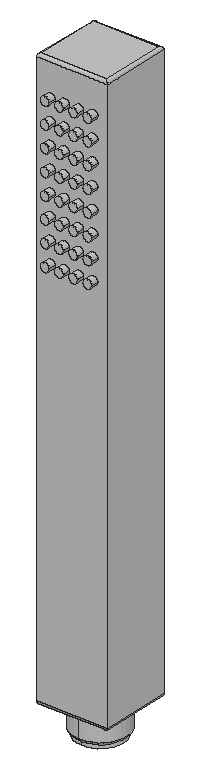
Revit family "Grohe_Euphoria_HandShower_27698000", category Plumbing Fixtures, host Face, Revit 2022
Family settings
  Host = Face
  Round Connector Dimension = Use Diameter
  Part Type = Normal
  OmniClass Number = 23.65.00.00
  OmniClass Title = Supply and Distribution of Liquids and Gases
  Cut with Voids When Loaded = No
  Maintain Annotation Orientation = No
  Shared = No
  Room Calculation Point = No
Parameters (values of type "EUPHORIA Hand Shower (27698000)")
  _ObjectUserGuide = "https://www.bimstore.co/products/grohe-27698000/document/object-user-guide"
  _DistributedBy = "https://www.bimstore.co/"
  _CurrentRevision = 1
  _CreatedBy = "https://www.bimstore.co/"
  _BimSpecGuid = 0
  _BSBibleVersion = 17
  _AuthorizedBy = "bimstore"
  _Author = "SM 197"
  Waste Connection = no
  WarrantyStartDate [instance] = "Please Record On Commissioning."
  WarrantyGuarantorParts = "info-uk@grohe.com"
  WarrantyGuarantorLabor = "info-uk@grohe.com"
  WarrantyDurationUnit = "Years"
  WarrantyDurationParts = "0"
  WarrantyDurationLabor = "0"
  WarrantyDescription = "n/a"
  WFU = 0
  Vent Connection = no
  URL = "https://www.grohe.co.uk/"
  TypeName = "EUPHORIA Hand Shower (27698000)"
  Type Comments = "EUPHORIA Hand Shower (27698000)"
  TPIDocumentLink = ""
  SustainabilityReport = "green.grohe.com/reporting"
  SustainabilityAward = "green.grohe.com/awards"
  SpareParts = "info-uk@grohe.com"
  Size = "n/a"
  Shape = "n/a"
  SerialNumber [instance] = "Please Record On Commissioning."
  ReplacementCost = "n/a"
  ReferencedStandard = "n/a"
  ProductionYear = "2025"
  ProductType = "Single Shower"
  ProductShortText = "Hand shower 1 spray"
  ProductPageURL = ""
  ProductNumber = "27698000"
  ProductDocumentationLink = "https://www.grohe.co.uk/en_gb/euphoria-cube-hand-shower-1-spray-27698000.html"
  ProductDescription = "spray pattern:\r\r\nNormal spray\r\r\nmaximum flow rate (at 3 bar): 15 l/min\r\r\nGROHE DreamSpray perfect spray pattern\r\r\nGROHE Long-Life finish\r\r\nSpeedClean anti-limescale system\r\r\nInner WaterGuide for a longer life\r\r\nuniversal mounting system, fitting all standard shower hoses\r\r\nsuitable for instantaneous heater"
  PrimaryMaterial = GroheLimited-Chrome
  PipeMaterial = GroheLimited-Pipework
  PQDiagramLink = "https://cdn.cloud.grohe.com/PQCharts/lores/2/276/original/27698000-pqchart-en_GB.svg"
  NominalLength = 0 mm
  NominalHeight = 0 mm
  NominalDepth = 0 mm
  NBSReference = "45-35-70/333"
  NBSOfficeMasterTag = "n/a"
  NBSObjectName = "Grohe - Shower heads"
  NBSNote = ""
  NBSDescription = "Shower heads"
  ModelReference = "EUPHORIA Hand Shower"
  ModelNumber = "27698000"
  Model = "Euphoria Cube Stick Hand shower 1 spray"
  Material = "n/a"
  ManufacturerName = "Grohe"
  Manufacturer = "Grohe"
  Keynote = "N13"
  InstallationDate [instance] = "Please Record On Commissioning."
  IfcExportType = "IfcPipeFittingType"
  IfcExportAs = "IfcPipeFitting"
  HWFU = 4.5
  HW Connection = no
  Grade = "n/a"
  GROHESustainability = "green.grohe.com"
  GROHESocialCommittment = "green.grohe.com/social_engagement"
  FullRecyclabilityOfPlastic = "All plastic components are fully recycable"
  Finish = "Chrome"
  Features = "spray pattern:\r\n\r\nNormal spray\r\n\r\nmaximum flow rate (at 3 bar): 15 l/min\r\n\r\nGROHE DreamSpray perfect spray pattern\r\n\r\nGROHE Long-Life finish\r\n\r\nSpeedClean anti-limescale system\r\n\r\nInner WaterGuide for a longer life\r\n\r\nuniversal mounting system, fitting all standard shower hoses\r\n\r\nsuitable for instantaneous heater"
  ExpectedLife = 0
  Ecojoy = no
  EF025094 = "0"
  EF025080 = "FALSE"
  EF024050 = "false"
  EF023686 = "not applicable"
  EF023440 = "false"
  EF022377 = "false"
  EF022224 = "false"
  EF022042 = "A"
  EF021042 = "false"
  EF021041 = "0"
  EF021040 = "1"
  EF021039 = "true"
  EF021038 = "15.00"
  EF015313 = "not applicable"
  EF015309 = 0 mm
  EF002671 = "Chrome"
  EF002616 = "false"
  EF002169 = "Plastic"
  EF001707 = "70 �C"
  EF000653 = "true"
  EF000551 = 0 mm
  EF000049 = 0 mm
  DurationUnit = "Years"
  DocumentationTechnical = "https://www.bimstore.co/products/grohe-27698000/document/technical-data-sheet"
  DocumentationMaintenance = "https://www.bimstore.co/products/grohe-27698000/document/maintenance-information"
  DocumentationLiterature = "https://www.bimstore.co/products/grohe-27698000/document/product-literature"
  DocumentationInstallationGuide = "https://www.bimstore.co/products/grohe-27698000/document/installation-guide"
  DocumentationCertificates = "https://www.bimstore.co/products/grohe-27698000/document/product-certificates"
  DimensionsDocumentLink = "https://cdn.cloud.grohe.com/dimdraw/1000/1500/1530/1539/1539154/1280/1539154.jpg"
  Description = "spray pattern:\r\n\r\nNormal spray\r\n\r\nmaximum flow rate (at 3 bar): 15 l/min\r\n\r\nGROHE DreamSpray perfect spray pattern\r\n\r\nGROHE Long-Life finish\r\n\r\nSpeedClean anti-limescale system\r\n\r\nInner WaterGuide for a longer life\r\n\r\nuniversal mounting system, fitting all standard shower hoses\r\n\r\nsuitable for instantaneous heater"
  Default Elevation = 0 mm
  CreatedOn = "2025-07-22T:09:00:00"
  CreatedBy = "info-uk@grohe.com"
  CradleToCradleCertification = "N/A"
  Cost = 0
  Constituents = "n/a"
  Color = "Chrome"
  CodePerformance = "n/a"
  ClassificationValue = "Pr_40_20_87_76"
  ClassificationName = "Uniclass2015"
  CWFU = 4.5
  CW Connection = no
  CO2NeutralProduction = "GROHE is one of the first leading manufacturer within the sanitary industry having a CO2-neutral production."
  BarCode [instance] = "Please Record On Commissioning."
  BIMObjectName = "Grohe_Euphoria_HandShower_27698000"
  AssetType = "Fixed"
  AssetIdentifier [instance] = "Please Record On Commissioning."
  Assembly Code = "D2010"
  AccessibilityPerformance = "n/a"
Reference planes
  plane 1 "Center (Front/Back)": y = 0
  plane 2: z = 0
  plane 3 "Center (Left/Right)": x = 0
Forms (mm)
  Extrusion 1, solid, material "GroheLimited-Chrome" <- "PrimaryMaterial"
    sketch origin (0, 0, 0) x (1, 0, 0) y (0, 1, 0)
      loop
        line (-12.5, 12.5) -> (-12.5, -12.5) -> (12.5, -12.5) -> (12.5, 12.5) -> (-12.5, 12.5)
    from 10.5 to 216
  Sweep 2, void
    path in 3D
      loop
        line (-12.5, 12.5, 216) -> (-12.5, -12.5, 216) -> (12.5, -12.5, 216) -> (12.5, 12.5, 216) -> (-12.5, 12.5, 216)
    profile origin (0, 12.5, 216) x (0, -1, 0) y (0, 0, 1)
      loop
        line (0, 0) -> (0, -1)
        arc (0, -1) -> (0.293, -0.293) -> (1, 0) r 1
        line (1, 0) -> (0, 0)
      loop
        line (0, -205.5) -> (1, -205.5)
        arc (1, -205.5) -> (0.293, -205.207) -> (0, -204.5) r 1
        line (0, -204.5) -> (0, -205.5)
  Revolve 3, solid, material "GroheLimited-Chrome" <- "PrimaryMaterial"
    sketch origin (0, 0, 0) x (0, 1, 0) y (0, 0, 1)
      loop
        line (-8.196, 0) -> (0, 0) -> (0, 11.358) -> (-9.34, 11.358) -> (-9.34, 2.47) -> (-8.196, 1.2) -> (-8.196, 0)
      axis (0, 11.358) -> (0, 0)
    angle from 0 to 360
  Extrusion 4, solid, material "GroheLimited-Chrome" <- "PrimaryMaterial"
    sketch origin (0, 0, 0) x (1, 0, 0) y (0, 0, 1)
      loop
        circle (-2.5, 203.75) r 1.5
      loop
        circle (2.5, 203.75) r 1.5
      loop
        circle (7.5, 203.75) r 1.5
      loop
        circle (-7.5, 203.75) r 1.5
      loop
        circle (-2.5, 196.25) r 1.5
      loop
        circle (2.5, 196.25) r 1.5
      loop
        circle (7.5, 196.25) r 1.5
      loop
        circle (-7.5, 196.25) r 1.5
      loop
        circle (-2.5, 188.75) r 1.5
      loop
        circle (2.5, 188.75) r 1.5
      loop
        circle (7.5, 188.75) r 1.5
      loop
        circle (-7.5, 188.75) r 1.5
      loop
        circle (-2.5, 181.25) r 1.5
      loop
        circle (2.5, 181.25) r 1.5
      loop
        circle (7.5, 181.25) r 1.5
      loop
        circle (-7.5, 181.25) r 1.5
      loop
        circle (-2.5, 173.75) r 1.5
      loop
        circle (2.5, 173.75) r 1.5
      loop
        circle (7.5, 173.75) r 1.5
      loop
        circle (-7.5, 173.75) r 1.5
      loop
        circle (-2.5, 166.25) r 1.5
      loop
        circle (2.5, 166.25) r 1.5
      loop
        circle (7.5, 166.25) r 1.5
      loop
        circle (-7.5, 166.25) r 1.5
      loop
        circle (-2.5, 158.75) r 1.5
      loop
        circle (2.5, 158.75) r 1.5
      loop
        circle (7.5, 158.75) r 1.5
      loop
        circle (-7.5, 158.75) r 1.5
      loop
        circle (-2.5, 151.25) r 1.5
      loop
        circle (2.5, 151.25) r 1.5
      loop
        circle (7.5, 151.25) r 1.5
      loop
        circle (-7.5, 151.25) r 1.5
    from 12 to 15
Cuts and joins
  Sweep 2 cuts Extrusion 1
  joined: Extrusion 1, Revolve 3, Extrusion 4
Lines and regions (mm)
  sketch lines
    curve 1: line (12.5, 12.5, 216) -> (-12.5, 12.5, 216)
    curve 2: line (12.5, -12.5, 216) -> (12.5, 12.5, 216)
    curve 3: line (-12.5, -12.5, 216) -> (12.5, -12.5, 216)
    curve 4: line (-12.5, 12.5, 216) -> (-12.5, -12.5, 216)
Dimensions and locks
  aligned and locked: plane 2 to host face
  aligned and locked: level to host face
  aligned and locked: profile plane to Sweep 2 sketch curve  (x2)
  aligned and locked: Sweep 2 sketch curve to cut or joined group of Extrusion 1, Sweep 2, Revolve 3, Extrusion 4
  aligned and locked: cut or joined group of Extrusion 1, Sweep 2, Revolve 3, Extrusion 4 to Sweep 2 sketch curve
Connectors
  piping at (0, 0, 0), diameter 15
    settings: on cut or joined group of Extrusion 1, Sweep 2, Revolve 3, Extrusion 4, index 1, connector inside diameter 609.6 mm, connector length 0 mm, flow factor 0, pipe flow 0.0 L/s, pressure drop 0.0 Pa, fitting loss kfactor 0, connector angle 0.00°, fixture units 0, engagement length 0 mm, angle of deflection 0.00°, flow configuration 0, flow direction 1, fitting loss method 4, system type 7, joint type 0, gender type 0, connector reference index -1, connector utility 0, adjustable connector no, is connector primary yes, connector description ""
